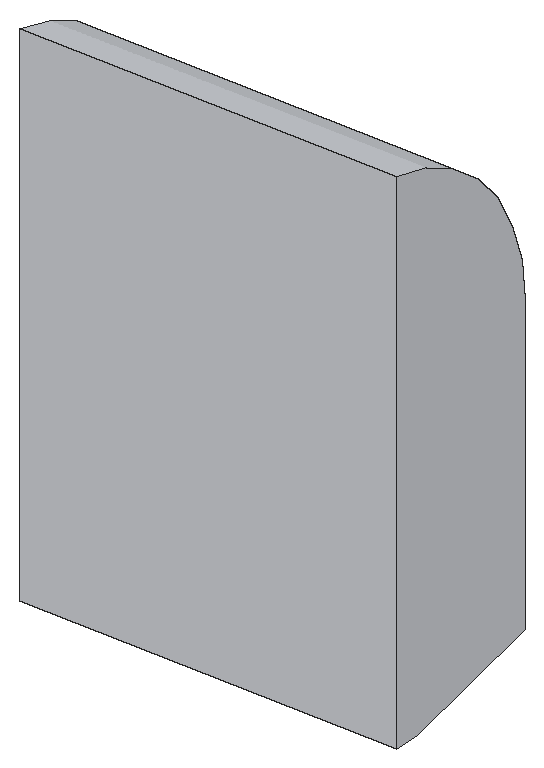
Revit family "DAN DRYER Stainless Design Mini Design 287", category Furniture Systems, host Wall, Revit 2017
Family settings
  Host = Wall
  Round Connector Dimension = Use Diameter
  Part Type = Normal
  Always vertical = Yes
  Cut with Voids When Loaded = No
  Shared = No
  Room Calculation Point = No
Parameters (values of type "Stål")
  Wicth = 338 mm
  URL = "http://www.dandryer.com/Files/Billeder/PDF/Datablade/Nye/Technical_data_sheet_287.pdf"
  Type Image = <None>
  Offset from Floor = 1000 mm
  Model = "Stainless design"
  Manufacturer = "http://www.dandryer.com/"
  Height = 460 mm
  Description = "STAINLESS DESIGN, Toilet roll holder Art. no. 287"
  Cost = 0
Reference planes
  plane 1 "Wall": y = 0
  plane 2 "Center (Left/Right)": x = 125
  plane 3 "Back": y = 75
  plane 4 "Top": z = 1000
  plane 5 "Bund": z = 540
  plane 6: x = 294
  plane 7: x = -44
Forms (mm)
  Extrusion 1, solid
    sketch origin (125, 0, 0) x (0, 1, 0) y (0, 0, 1)
      loop
        line (75, 540) -> (97.679, 540) -> (219, 572.508) -> (219, 837.508)
        arc (219, 837.508) -> (177.82, 946.066) -> (75, 1000) r 163.68
        line (75, 1000) -> (75, 540)
    from -169 to 169
  Extrusion 2, solid
    sketch origin (125, 0, 0) x (0, 1, 0) y (0, 0, 1)
      loop
        line (197.861, 566.843) -> (133.494, 549.596) -> (134.27, 546.699) -> (198.637, 563.946) -> (197.861, 566.843)
    from -81.28 to 139.434
Text (mm)
  text "Placement Side" at (-1848.837, 1116.779, 0), in view "Ref. Level"
  text "Placement side" at (0, 1409.804, 2854.306), in view "Left"
  text "Placement side" at (0, 499.811, 2980.732), in view "Right"
Dimensions and locks
  locked: plane 3 "Back" to host wall
  "Height": plane 5 "Bund" to plane 4 "Top"
  equal spacing: plane 7, plane 2 "Center (Left/Right)", plane 6
  "Wicth": plane 7 to plane 6
  "Offset from Floor": level to plane 4 "Top"
  aligned and locked: plane 1 "Wall" to host wall
  aligned and locked: Extrusion 1 to plane 7
  aligned and locked: Extrusion 1 to plane 6
  aligned and locked: plane 4 "Top" to Extrusion 1 sketch curve
  aligned and locked: host wall to Extrusion 1 sketch curve
Automatic sketch dimensions
  Extrusion 1 sketch curve to plane 5 "Bund" = 0 mm
  Extrusion 1 sketch curve to host wall = 19.68 mm
  Extrusion 1 sketch curve to Extrusion 1 sketch curve = 22.679 mm
  plane 5 "Bund" to Extrusion 1 sketch curve = 32.508 mm
  Extrusion 1 sketch curve to Extrusion 1 sketch curve = 121.321 mm
  plane 5 "Bund" to Extrusion 2 sketch curve = 6.699 mm
  host wall to Extrusion 2 sketch curve = 59.27 mm
  plane 5 "Bund" to Extrusion 2 sketch curve = 23.946 mm
  plane 5 "Bund" to Extrusion 2 sketch curve = 9.596 mm
  Extrusion 2 sketch curve to Extrusion 2 sketch curve = 0.776 mm
